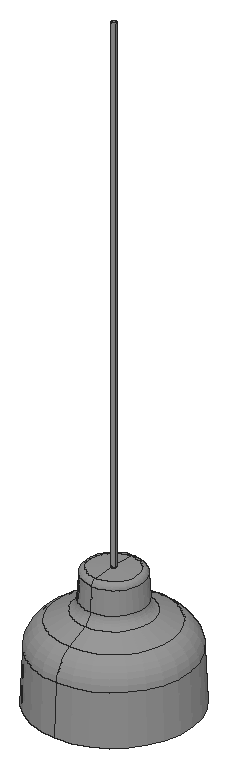
Revit family "Lighting_Pendants_Zero_Lens_Small_Pendant", category Lighting Fixtures, Revit 2018
Family settings
  Round Connector Dimension = Use Diameter
  Part Type = Normal
  OmniClass Number = 23.80.70.00
  OmniClass Title = Lighting
  Work Plane-Based = Yes
  Always vertical = Yes
  Cut with Voids When Loaded = No
  Light Source = Yes
  Shared = No
  Room Calculation Point = No
Parameters (values of type "Lens small LED 474LM Black")
  Youtube clip = ""
  Weight Net (Kg) = "0.8"
  Wattage = 3.19102 W
  WarrantyStartDate [instance] = "n/a"
  WarrantyGuarantorParts = "n/a"
  WarrantyGuarantorLabor = "n/a"
  WarrantyDurationUnit = "Year"
  WarrantyDurationParts = "n/a"
  WarrantyDurationLabor = "n/a"
  WarrantyDescription = "n/a"
  built-in parameter 1150110 = 1 (stored number, unit not read)
  VersionDate = "20/12/2021"  # constant formula
  Version = "2"  # constant formula
  UsageCurrent = 0 A
  Uniformat II Description = ""
  Uniformat II Code = ""
  Uniclass2015Reference = "Pr_70_70_48_86"
  Uniclass2015Description = "Suspended luminaires"
  Uniclass2 = "Pr_70_70_49_86"
  Uniclass 2015 Name = ""
  Uniclass 2015 Code = ""
  Uniclass 2.0 Description = ""
  Uniclass 2.0 Code = ""
  Uniclass 1.4 Description = ""
  Uniclass 1.4 Code = ""
  URL = "https://www.zerolighting.com/lensliten-inompe/"
  UNSPSC Code = ""
  TotalWattage = 9 W
  built-in parameter 1114217 = 1 (stored number, unit not read)
  Tilt Angle = 90.00°
  built-in parameter 1150109 = 1 (stored number, unit not read)
  built-in parameter 1150134 = (empty or 0)
  Technical description = ""
  TagNumber [instance] = "n/a"
  SustainabilityPerformance = "n/a"
  built-in parameter 1150113 = 1 (stored number, unit not read)
  Size = "180x180x160 mm"
  Shape = "Sculptured"
  SerialNumber [instance] = "n/a"
  Revision = "4"  # constant formula
  ReplacementCost = "n/a"
  Region South America = "None"
  Region Oceania = "AU, NZ"
  Region North America = "BZ, CR, GT, HN, MX, NI, PA, SV, US"
  Region Middle East = "AE"
  Region Europe = "AD, AL, AT, AX, BA, BE, BG, BY, CH, CY, CZ, DE, DK, EE, ES, FI, FO, FR, GB, GG, GI, GR, HR, HU, IE, IM, IS, IT, JE, LI, LT, LU, LV, MC, MD, ME, MK, MT, NL, NO, PL, PT, RO, RS, RU, SE, SI, SJ, SK, SM, UA, VA"
  Region Asia = "HK, JP, SG"
  Region Antarctica = "None"
  Region Africa = "None"
  QR code = "http://bimobject.com/zero/product/Lens_pendant_small"
  ProductInformation = "n/a"
  Product url = "https://www.zerolighting.com/pendants#/lensliten-inompe"
  Product group = "Pendant"
  Product family = "Lens"
  Product certification = ""
  Product SKU = "Lens_pendant_small"
  Product Guid = "c9dee93e-c73f-4c40-ae2b-40d350413dea"
  Photometric Web File = "Lens8102-1.IES"
  PhaseReference = "n/a"
  PhaseAngle = 0.00°
  OmniClass Description = ""
  OmniClass Code = ""
  NumberOfSources = 0
  NumberOfPoles = 1
  NominalVoltageCalc = 0 V
  NominalVoltage = 230 V
  NominalRadius = 80 mm
  NominalLength = 180 mm
  NominalFrequencyRange = 50 Hz
  NominalDiameter = 160 mm
  NominalCurrent = 0 A
  Nominal width = 180 mm
  Nominal height = 160 mm
  Name = "Zero_Lens_Small_Pendant"  # constant formula
  NBSReference = "90-60-50/405"
  NBSDescription = "General purpose luminaires"
  NBS Reference Description = ""
  NBS Reference Code = ""
  ModelReference = "n/a"
  ModelNumber = "8102-1-06"
  Model = "Lens small LED 474LM Black"
  Material secondary = "Acrylic"
  Material main = "Aluminium"
  Material = "Aluminum and acrylic"
  Masterformat 2014 Description = ""
  Masterformat 2014 Code = ""
  ManufacturersSpecificInformation = "n/a"
  ManufacturerURL = "https://www.zerolighting.com/"
  ManufacturerName = "Zero"
  Manufacturer name = "ZERO"
  Manufacturer country = "Sweden"
  Manufacturer = "Zero"
  MaintenanceFactor = 0
  Lumens = 474 lm
  built-in parameter 1150115 = 1 (stored number, unit not read)
  built-in parameter 1150105 = 37.72 (stored number, unit not read)
  LightFixturePlacingType = "Ceiling"
  LightFixtureMountingType = "Suspended"
  LightFixtureMainMaterial = Black
  built-in parameter 1150137 = (empty or 0)
  built-in parameter 1150139 = (empty or 0)
  LensMaterial = Glass
  built-in parameter 1150112 = 1 (stored number, unit not read)
  built-in parameter 1150114 = 1 (stored number, unit not read)
  InsulationStandardClass = "n/a"
  InstallationDate [instance] = "n/a"
  Installation instructions = ""
  built-in parameter 1150132 = 2
  built-in parameter 1150102 = (empty or 0)
  built-in parameter 1150138 = (empty or 0)
  built-in parameter 1150107 = 3000 (stored number, unit not read)
  built-in parameter 1150106 = 0.3772 (stored number, unit not read)
  IfcExportType = "NOTDEFINED"  # constant formula
  IfcExportAs = "IfcLightFixtureType"  # constant formula
  IP_Code = "IP20"
  IFC Classification = ""
  HasProtectiveEarth = no
  Grade = "n/a"
  GTIN code = ""
  Finish = "Painted aluminum, matt acrylic"
  Features = "Terminal block 2x2,25mm2"
  ExpectedLife = "n/a"
  Emit from Circle Diameter = NominalDiameter  # 160 mm
  Emit Shape Visible in Rendering = no
  ElectricalDeviceNominalPower = 0
  built-in parameter 1150104 = 13.8 (stored number, unit not read)
  Edition number = 1
  EANNumber = "n/a"
  DurationUnit = "Year"
  Dimming Lamp Color Temperature Shift = <None>
  Dimming = ""
  Designer = "Jens Fager"
  Design country = "Sweden"
  DefaultElevation = 0 mm
  Default Elevation [instance] = 1219.2 mm
  Date of publishing = ""
  Constituents = "n/a"
  Color Filter = 16777215
  Color = "Black"
  Collection = "Lens"
  CodePerformance = "n/a"
  Category = "Pendant"
  CableLength [instance] = 600 mm
  COBIe Type Category = ""
  Brand url = "http://www.zero.se"
  Brand = "Zero"
  Barcode [instance] = "n/a"
  built-in parameter 1114218 = 1 (stored number, unit not read)
  BIMobject main category code = "lighting"
  BIMobject main category = "Lighting"
  BIMobject category code = "lighting-pendants"
  BIMobject category = "Pendants"
  BIMObjectName = "Lighting_Pendants_Zero_Lens_Small_Pendant"  # constant formula
  Author = "BIMstone"  # constant formula
  built-in parameter 1150133 = 10 (stored number, unit not read)
  AssetType = "Fixed"
  AssetIdentifier [instance] = "n/a"
  ArticleNumber = "8102-1-06"
  AccessibilityPerformance = "n/a"
Types (6, lengths in mm): name | Wattage | TotalWattage | Photometric Web File | ModelNumber | Model | Lumens | built-in parameter 1150105 | LightFixtureMainMaterial | built-in parameter 1150106 | Dimming | Color | ArticleNumber
  Lens small Max 28W/E27 White | 3.19102 W | 9 W | "Lens8102-1.IES" | "8102-1-06" | "Lens small LED 474LM Black" | 474 lm | 37.72 (stored number, unit not read) | Black | 0.3772 (stored number, unit not read) | "" | "Black" | "8102-1-06"
  Lens small Max 28W/E27 Black | 3.16409 W | 28 W | "Lens81001-6WLed-Frost.IES" | "8100-1-06" | "Lens small Max 28W/E27 Black" | 470 lm | 79.51 (stored number, unit not read) | Black | 0.7951 (stored number, unit not read) | "None" | "Black" | "8100-1-06"
  Lens small LED 474LM White | 3.19102 W | 9 W | "Lens8102-1.IES" | "8102-1-01" | "Lens small LED 474LM White" | 474 lm | 37.72 (stored number, unit not read) | White | 0.3772 (stored number, unit not read) | "" | "White" | "8102-1-01"
  Lens small LED 474LM Black | 3.19102 W | 9 W | "Lens8102-1.IES" | "8102-1-06" | "Lens small LED 474LM Black" | 474 lm | 37.72 (stored number, unit not read) | Black | 0.3772 (stored number, unit not read) | "" | "Black" | "8102-1-06"
  Lens small LED 474LM White HFF | 3.19102 W | 9 W | "Lens8102-1.IES" | "8102-1-01HFF" | "Lens small LED 474LM White HFF" | 474 lm | 37.72 (stored number, unit not read) | White | 0.3772 (stored number, unit not read) | "Dimmable with DALI, DSI, SwitchDim" | "White" | "8102-1-01HFF"
  Lens small LED 474LM Black HFF | 3.19102 W | 9 W | "Lens8102-1.IES" | "8102-1-06HFF" | "Lens small LED 474LM Black HFF" | 474 lm | 37.72 (stored number, unit not read) | Black | 0.3772 (stored number, unit not read) | "Dimmable with DALI, DSI, SwitchDim" | "Black" | "8102-1-06HFF"
Reference planes
  plane 1 "Light Source Axis (F/B)": y = 0
  plane 2: z = 0
  plane 3 "Light Source Axis (L/R)": x = 0
  plane 4 "Ceiling": z = 0
  plane 5 "Light Source Elevation": z = -745
  plane 6: y = 90
  plane 7: y = -90
  plane 8: x = -90
  plane 9: x = 90
  plane 10: z = -600
  plane 11: z = -760
  plane 12: z = 0
Forms (mm)
  Extrusion 1, solid, material "Black" <- "LightFixtureMainMaterial", detail levels medium+fine
    sketch origin (0, 0, -745) x (-1, 0, 0) y (0, -1, 0)
      loop
        circle (0, 0) r 2.5
    from 145 to 745
  Extrusion 2, solid, material "Black" <- "LightFixtureMainMaterial", detail levels coarse
    sketch origin (0, 0, 0) x (0, 1, 0) y (0, 0, 1)
      loop
        line (90, 0) -> (-90, 0) -> (-90, -760) -> (90, -760) -> (90, 0)
    from -90 to 90
Lines and regions (mm)
  symbolic lines, detail levels coarse
    curve 1: line (-90, 90, 0) -> (90, 90, 0)
    curve 2: line (-90, -90, 0) -> (-90, 90, 0)
    curve 3: line (90, -90, 0) -> (-90, -90, 0)
    curve 4: line (90, 90, 0) -> (90, -90, 0)
  symbolic lines, detail levels medium+fine
    curve 5: line (0, 2.5, 0) -> (0, 2.5, -600)
    curve 6: line (0, -2.5, -600) -> (0, -2.5, 0)
    curve 7: line (2.5, 0, 0) -> (2.5, 0, -600)
    curve 8: line (-2.5, 0, -600) -> (-2.5, 0, 0)
Dimensions and locks
  equal spacing: plane 6, plane 1 "Light Source Axis (F/B)", plane 7
  plane 6 to plane 7 = 180 mm
  equal spacing: plane 8, plane 3 "Light Source Axis (L/R)", plane 9
  "NominalLength": plane 8 to plane 9
  "CableLength": plane 10 to level
  plane 10 to plane 11 = 160 mm
  plane 5 "Light Source Elevation" to plane 10 = 145 mm
  aligned and locked: plane 3 "Light Source Axis (L/R)" to imposter light
  aligned and locked: plane 1 "Light Source Axis (F/B)" to imposter light
  aligned and locked: plane 5 "Light Source Elevation" to imposter light
  aligned and locked: level to Extrusion 1
  aligned and locked: Extrusion 1 to plane 10
  aligned and locked: nested 1 to plane 10
  aligned and locked: level to Extrusion 2 sketch curve
  aligned and locked: plane 6 to Extrusion 2 sketch curve
  aligned and locked: plane 11 to Extrusion 2 sketch curve
  aligned and locked: Extrusion 2 sketch curve to plane 7
  aligned and locked: plane 8 to Extrusion 2
  aligned and locked: Extrusion 2 to plane 9
  aligned and locked: plane 6 to curve 1
  aligned and locked: plane 8 to curve 2
  aligned and locked: curve 3 to plane 7
  aligned and locked: curve 4 to plane 9
  aligned and locked: Extrusion 1 to curve 5
  aligned and locked: Extrusion 1 to curve 6
  aligned and locked: curve 7 to Extrusion 1
  aligned and locked: curve 8 to Extrusion 1
Automatic sketch dimensions
  plane 1 "Light Source Axis (F/B)" to Extrusion 1 sketch curve = 0 mm
  Extrusion 1 sketch curve to plane 3 "Light Source Axis (L/R)" = 0 mm
  curve 6 to plane 10 = 0 mm
  curve 5 to level = 0 mm
  plane 1 "Light Source Axis (F/B)" to curve 6 = 2.5 mm
  curve 5 to plane 1 "Light Source Axis (F/B)" = 2.5 mm
  curve 8 to plane 10 = 0 mm
  curve 8 to level = 0 mm
  curve 7 to plane 10 = 0 mm
  curve 7 to level = 0 mm
Nested families
  nested 1: "lens-small" at (0, 0, -760.473), Material2 <- "LensMaterial", Material1 <- "LightFixtureMainMaterial", type "lens-small"
    with Material2 Glass, Material1 Black
Connectors
  electrical at (0, 0, 0), driven by "NominalVoltage"
    settings: on Extrusion 1, index 1, voltage 230 V, apparent load 0 VA, apparent load phase1 0 VA, apparent load phase2 0 VA, apparent load phase3 0 VA, power factor 1, load classification "Lighting", number of poles 1, system type 31, power factor state 1, is connector primary yes, connector utility no, sub classification motor no, connector description ""
Definition of nested family "lens-small"
  Parameters (values of type "lens-small")
    Material2 [instance] = none
    Material1 [instance] = none
  Reference planes
    plane 1 "Center (Front/Back)": y = 0
    plane 2: z = 0
    plane 3 "Center (Left/Right)": x = 0
  Forms (mm)
    Revolve 1, solid, material <- "Material1", detail levels medium+fine
      sketch origin (0, 0, 0) x (0, 1, 0) y (0, 0, 1)
        loop
          line (27.935, 158.828) -> (0, 160.492) -> (0, 159.49) -> (27.876, 157.83)
          arc (27.876, 157.83) -> (31.542, 156.111) -> (33.022, 152.343) r 5.472
          line (33.022, 152.343) -> (34.444, 125.207)
          arc (34.444, 125.207) -> (37.059, 117.246) -> (43.339, 111.698) r 16
          line (43.339, 111.698) -> (67.538, 99.751)
          arc (67.538, 99.751) -> (81.358, 87.526) -> (86.907, 69.929) r 34.52
          line (86.907, 69.929) -> (88.933, 11.912) -> (69.826, 15.974) -> (69.826, 14.075) -> (88.999, 10) -> (90, 10) -> (87.906, 69.963)
          arc (87.906, 69.963) -> (82.197, 88.069) -> (67.979, 100.649) r 35.52
          line (67.979, 100.649) -> (43.782, 112.595)
          arc (43.782, 112.595) -> (37.894, 117.796) -> (35.443, 125.26) r 15
          line (35.443, 125.26) -> (34.022, 152.368)
          arc (34.022, 152.368) -> (32.261, 156.806) -> (27.935, 158.828) r 6.472
        axis (0, 160.492) -> (0, 10)
      angle from 0 to 360
    Revolve 2, solid, material <- "Material2", detail levels medium+fine
      sketch origin (0, 0, 0) x (0, 1, 0) y (0, 0, 1)
        loop
          line (73.861, 13.024) -> (73.861, 15.524) -> (0, 15.524) -> (0, 0)
          arc (0, 0) -> (37.5, 3.281) -> (73.861, 13.024) r 215.954
        axis (0, 0) -> (0, 15.524)
      angle from 0 to 360
    Extrusion 3, solid, material <- "Material1", detail levels medium+fine
      sketch origin (0, 0, 0) x (1, 0, 0) y (0, 1, 0)
        loop
          circle (0, 0) r 3.298
      from 156.798 to 160.473
  Lines and regions (mm)
    symbolic lines, detail levels medium+fine
      curve 1: line (-65, 0, 10) -> (-90, 0, 10)
      curve 2: line (90, 0, 10) -> (63.788, 0, 10)
      curve 3: line (0, 0, 160.418) -> (27.462, 0, 158.855)
      curve 4: line (34.022, 0, 152.368) -> (35.503, 0, 124.111)
      curve 5: arc (27.462, 0, 158.855) -> (31.969, 0, 156.851) -> (34.022, 0, 152.368) r 6.972
      curve 6: line (43.895, 0, 112.534) -> (67.979, 0, 100.649)
      curve 7: arc (35.503, 0, 124.111) -> (37.988, 0, 117.082) -> (43.895, 0, 112.534) r 13.149
      curve 8: arc (67.979, 0, 100.649) -> (82.396, 0, 87.65) -> (87.883, 0, 69.029) r 35.71
      curve 9: line (87.883, 0, 69.029) -> (90, 0, 10)
      curve 10: line (-90, 0, 10) -> (-65, 0, 10)
      curve 11: line (0, 0, 160.418) -> (-27.462, 0, 158.855)
      curve 12: line (-34.022, 0, 152.368) -> (-35.503, 0, 124.111)
      curve 13: arc (-27.462, 0, 158.855) -> (-31.969, 0, 156.851) -> (-34.022, 0, 152.368) r 6.972
      curve 14: line (-43.895, 0, 112.534) -> (-67.979, 0, 100.649)
      curve 15: arc (-35.503, 0, 124.111) -> (-37.988, 0, 117.082) -> (-43.895, 0, 112.534) r 13.149
      curve 16: arc (-67.979, 0, 100.649) -> (-82.396, 0, 87.65) -> (-87.883, 0, 69.029) r 35.71
      curve 17: line (-87.883, 0, 69.029) -> (-90, 0, 10)
      curve 18: arc (-65, 0, 10) -> (-0.606, 0, -0.001) -> (63.788, 0, 10) r 212.313
      curve 21: line (0, 90, 10) -> (0, 65, 10)
      curve 22: line (0, 90, 10) -> (0, 87.906, 69.963)
      curve 23: arc (0, 87.906, 69.963) -> (0, 82.197, 88.069) -> (0, 67.979, 100.649) r 35.52
      curve 24: line (0, 67.979, 100.649) -> (0, 43.914, 112.386)
      curve 25: arc (0, 43.914, 112.386) -> (0, 37.479, 118.329) -> (0, 35.386, 126.835) r 15.22
      curve 26: line (0, 35.386, 126.835) -> (0, 34.022, 152.368)
      curve 27: arc (0, 34.022, 152.368) -> (0, 32.009, 156.886) -> (0, 27.493, 158.903) r 6.914
      curve 28: line (0, 27.493, 158.903) -> (0, 0, 160.396)
      curve 29: line (0, -90, 10) -> (0, -65, 10)
      curve 30: line (0, -90, 10) -> (0, -87.906, 69.963)
      curve 31: arc (0, -87.906, 69.963) -> (0, -82.197, 88.069) -> (0, -67.979, 100.649) r 35.52
      curve 32: line (0, -67.979, 100.649) -> (0, -43.914, 112.386)
      curve 33: arc (0, -43.914, 112.386) -> (0, -37.479, 118.329) -> (0, -35.386, 126.835) r 15.22
      curve 34: line (0, -35.386, 126.835) -> (0, -34.022, 152.368)
      curve 35: arc (0, -34.022, 152.368) -> (0, -32.009, 156.886) -> (0, -27.493, 158.903) r 6.914
      curve 36: line (0, -27.493, 158.903) -> (0, 0, 160.396)
      curve 37: arc (0, 65, 10) -> (0, 0, 0) -> (0, -65, 10) r 216.25
      curve 40: circle (0, 0, 0) r 90 normal (0, 0, 1)
    symbolic lines, detail levels fine
      curve 19: line (-65, 0, 10) -> (0, 0, 10)
      curve 20: line (63.788, 0, 10) -> (0, 0, 10)
      curve 38: line (0, 65, 10) -> (0, 0, 10)
      curve 39: line (0, -65, 10) -> (0, 0, 10)
      curve 41: circle (0, 0, 0) r 73.85 normal (0, 0, 1)
      curve 42: line (0, 3.299, 160.473) -> (0, -3.298, 160.473)
  Dimensions and locks
    aligned and locked: level to plane 2
    aligned and locked: Revolve 1 to curve 1
    aligned and locked: curve 2 to Revolve 1
    aligned and locked: curve 21 to Revolve 1
    aligned and locked: curve 42 to Extrusion 3
